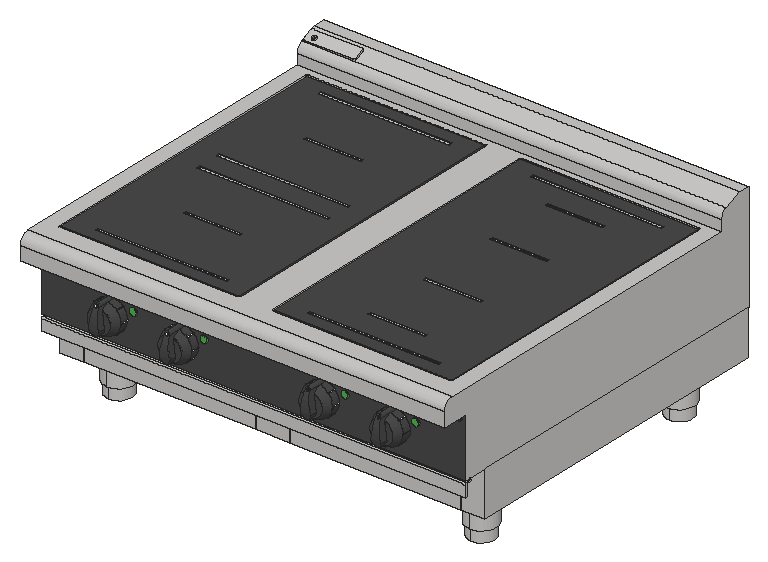
Revit family "QF_Moffat_INLB8400R5F-B_Induction_Cooktop_cat", category Specialty Equipment, Revit 2019
Family settings
  Round Connector Dimension = Use Diameter
  Part Type = Normal
  Work Plane-Based = No
  Always vertical = Yes
  Cut with Voids When Loaded = No
  Shared = No
  Room Calculation Point = No
Parameters (values of type "INLB8400R5F-B_415/60/3")
  Weight in Kilograms = 105
  Watts = 20000 W
  Volts = 415 V
  URL Cutsheet = ""
  Specification by User = ""
  Specification by Manufacturer = ""
  Show Logo [instance] = yes
  Serial Number = ""
  Seismic Rating = ""
  SMACNA No = ""
  Revision Code = ""
  Phase = 3
  Number of Poles = 1
  NAFEM Spec ID Number = ""
  Model = "INLB8400R5F-B"
  Min Ckt Ampacity = 0 A
  Max Overcurrent Protection = 0 A
  Masterspec = ""
  Manufacturer = "Moffat"
  Length = 900 mm
  Item Number = ""
  Installed By = ""
  Identify Quantity as Lot = yes
  Height = 410 mm
  HP = ""
  Furnished By = ""
  Foodservice Equipment Identifier = yes
  FL Amps = 28 A
  Electrical Remarks = ""
  Electric Connection Type = ""
  Elec Conn RI Height = 0 mm
  Elec Conn Connection Height = 0 mm
  Description = "Induction Cooktop"
  Depth = 805 mm
  Cycle = 60 Hz
  Conn Plug = ""
  Conn Conduit = yes
  CSI MasterFormat = ""
  Apparent Power = if(Phase = 3, Volts * FL Amps * 1.73, Volts * FL Amps)  # 20102.6 VA
Reference planes
  plane 1 "BACK": y = 0
  plane 2: z = 0
  plane 3 "LEFT": x = 0
  plane 4 "RIGHT": x = 900
  plane 5 "FRONT": y = -805
  plane 6 "TOP": z = 410
  plane 7 "Center Y": x = 450
  plane 8 "Center X": y = -402.5
  plane 9: x = 65.5
  plane 10: y = -30
  plane 11: x = 770
  plane 12: z = 85
  plane 13: y = -100
  plane 14: y = -625
  plane 15: y = -70
  plane 16: z = 355
  plane 17: z = 75
  plane 18: x = 834.5
Forms (mm)
  Extrusion 1, solid, material "QF_Metal_Stainless_Polished"
    sketch origin (0, 0, 0) x (0, 1, 0) y (0, 0, 1)
      loop
        line (0, 180) -> (0, 410) -> (-23.147, 410) -> (-57.632, 395.362)
        arc (-57.632, 395.362) -> (-66.628, 387.88) -> (-70, 376.676) r 20.3
        line (-70, 376.676) -> (-70, 355) -> (-784.417, 355)
        arc (-784.417, 355) -> (-798.971, 348.971) -> (-805, 334.417) r 20.583
        line (-805, 334.417) -> (-805, 305) -> (-749, 305) -> (-749, 180) -> (0, 180)
    from 0 to 900
  Extrusion 2, void
    sketch origin (0, -784.171, 355) x (0, 1, 0) y (-1, 0, 0)
      loop
        arc (699.341, -37.323) -> (697.584, -33.08) -> (693.341, -31.323) r 6
        line (693.341, -31.323) -> (45.245, -31.323)
        arc (45.245, -31.323) -> (41.002, -33.08) -> (39.245, -37.323) r 6
        line (39.245, -37.323) -> (39.245, -410.105)
        arc (39.245, -410.105) -> (41.002, -414.347) -> (45.245, -416.105) r 6
        line (45.245, -416.105) -> (693.341, -416.105)
        arc (693.341, -416.105) -> (697.584, -414.347) -> (699.341, -410.105) r 6
        line (699.341, -410.105) -> (699.341, -37.323)
      loop
        line (699.341, -862.677) -> (699.341, -489.895)
        arc (699.341, -489.895) -> (697.584, -485.653) -> (693.341, -483.895) r 6
        line (693.341, -483.895) -> (45.245, -483.895)
        arc (45.245, -483.895) -> (41.002, -485.653) -> (39.245, -489.895) r 6
        line (39.245, -489.895) -> (39.245, -862.677)
        arc (39.245, -862.677) -> (41.002, -866.92) -> (45.245, -868.677) r 6
        line (45.245, -868.677) -> (693.341, -868.677)
        arc (693.341, -868.677) -> (697.584, -866.92) -> (699.341, -862.677) r 6
    from 0 to -9.5
  Extrusion 3, solid, material "QF_Plastic_Black_Smooth"
    sketch origin (0, -784.171, 355) x (0, 1, 0) y (-1, 0, 0)
      loop
        line (695.341, -410.105) -> (695.341, -37.323)
        arc (695.341, -37.323) -> (694.755, -35.908) -> (693.341, -35.323) r 2
        line (693.341, -35.323) -> (45.245, -35.323)
        arc (45.245, -35.323) -> (43.831, -35.908) -> (43.245, -37.323) r 2
        line (43.245, -37.323) -> (43.245, -410.105)
        arc (43.245, -410.105) -> (43.831, -411.519) -> (45.245, -412.105) r 2
        line (45.245, -412.105) -> (693.341, -412.105)
        arc (693.341, -412.105) -> (694.755, -411.519) -> (695.341, -410.105) r 2
      loop
        line (667.194, -86.598) -> (661.194, -86.598) -> (661.194, -363.75) -> (667.194, -363.75) -> (667.194, -86.598)
      loop
        line (526.611, -163.924) -> (526.611, -283.924) -> (532.611, -283.924) -> (532.611, -163.924) -> (526.611, -163.924)
      loop
        line (398.444, -86.598) -> (392.444, -86.598) -> (392.444, -363.75) -> (398.444, -363.75) -> (398.444, -86.598)
      loop
        line (345.944, -86.598) -> (339.944, -86.598) -> (339.944, -363.75) -> (345.944, -363.75) -> (345.944, -86.598)
      loop
        line (206.611, -163.924) -> (206.611, -283.924) -> (212.611, -283.924) -> (212.611, -163.924) -> (206.611, -163.924)
      loop
        line (77.194, -86.598) -> (71.194, -86.598) -> (71.194, -363.75) -> (77.194, -363.75) -> (77.194, -86.598)
      loop
        arc (695.341, -489.895) -> (694.755, -488.481) -> (693.341, -487.895) r 2
        line (693.341, -487.895) -> (45.245, -487.895)
        arc (45.245, -487.895) -> (43.831, -488.481) -> (43.245, -489.895) r 2
        line (43.245, -489.895) -> (43.245, -862.677)
        arc (43.245, -862.677) -> (43.831, -864.092) -> (45.245, -864.677) r 2
        line (45.245, -864.677) -> (693.341, -864.677)
        arc (693.341, -864.677) -> (694.755, -864.092) -> (695.341, -862.677) r 2
        line (695.341, -862.677) -> (695.341, -489.895)
      loop
        line (667.194, -813.402) -> (667.194, -536.25) -> (661.194, -536.25) -> (661.194, -813.402) -> (667.194, -813.402)
      loop
        line (601.611, -736.076) -> (607.611, -736.076) -> (607.611, -616.076) -> (601.611, -616.076) -> (601.611, -736.076)
      loop
        line (279.111, -736.076) -> (285.111, -736.076) -> (285.111, -616.076) -> (279.111, -616.076) -> (279.111, -736.076)
      loop
        line (77.194, -813.402) -> (77.194, -536.25) -> (71.194, -536.25) -> (71.194, -813.402) -> (77.194, -813.402)
      loop
        line (454.501, -736.076) -> (460.501, -736.076) -> (460.501, -616.076) -> (454.501, -616.076) -> (454.501, -736.076)
      loop
        line (131.211, -736.076) -> (137.211, -736.076) -> (137.211, -616.076) -> (131.211, -616.076) -> (131.211, -736.076)
    from 0 to -9.5
  Extrusion 4, solid, material "QF_Metal_Stainless_Polished"
    sketch origin (0, 0, 40) x (0, 1, 0) y (0, 0, 1)
      loop
        line (-739.467, 140) -> (-738.192, 134.838)
        arc (-738.192, 134.838) -> (-738.307, 134.302) -> (-738.799, 134.063) r 0.625
        line (-738.799, 134.063) -> (-746.111, 134.063)
        arc (-746.111, 134.063) -> (-748.011, 133.276) -> (-748.797, 131.377) r 2.686
        line (-748.797, 131.377) -> (-748.797, 107.627) -> (-747.197, 107.627) -> (-747.197, 131.242)
        arc (-747.197, 131.242) -> (-746.84, 132.105) -> (-745.976, 132.463) r 1.221
        line (-745.976, 132.463) -> (-738.755, 132.463)
        arc (-738.755, 132.463) -> (-737.028, 133.304) -> (-736.625, 135.182) r 2.194
        line (-736.625, 135.182) -> (-737.815, 140) -> (-739.467, 140)
    from 0 to 900
  Extrusion 5, solid, material "QF_Plastic_Black_Smooth"
    sketch origin (0, -749, 181.875) x (0, 0, 1) y (-1, 0, 0)
      loop
        circle (112.843, -13.157) r 5
      loop
        circle (112.843, -886.843) r 5
    from 0 to 1.6
  Extrusion 6, solid, material "QF_Metal_Stainless_Polished"
    sketch origin (450, -699, 85) x (0, 1, 0) y (1, 0, 0)
      loop
        circle (669, 320) r 6.35
    from 0 to 10
  Extrusion 7, solid, material "QF_Metal_Stainless_Polished"
    sketch origin (0, -699, 85) x (1, 0, 0) y (0, -1, 0)
      loop
        line (0, -699) -> (900, -699) -> (900, 0) -> (849.2, 0) -> (849.2, -25.4) -> (485.8, -25.4) -> (485.8, 0) -> (414.2, 0) -> (414.2, -25.4) -> (50.8, -25.4) -> (50.8, 0) -> (0, 0) -> (0, -699)
    from 0 to -95
  Extrusion 8, solid, material "QF_Metal_Stainless_Polished"
    sketch origin (50.8, -30, 85) x (0, 1, 0) y (0, 0, 1)
      loop
        line (-669, 0) -> (-643.6, 0) -> (-643.6, 26.45) -> (-669, 26.45) -> (-669, 0)
      loop
        line (-669, 32.45) -> (-643.6, 32.45) -> (-643.6, 66.4) -> (-669, 66.4) -> (-669, 32.45)
      loop
        line (-669, 67.4) -> (-643.6, 67.4) -> (-643.6, 95) -> (-669, 95) -> (-669, 67.4)
    from 0 to 363.4
  Revolve 9, solid, material "QF_Metal_Stainless_Polished"
    sketch origin (65.5, -4572, -304.8) x (0, 0, -1) y (0, -1, 0)
      loop
        line (-304.8, -4499.5) -> (-304.8, -4472) -> (-389.8, -4472) -> (-389.8, -4503.75) -> (-329.8, -4503.75) -> (-329.8, -4499.5) -> (-304.8, -4499.5)
      axis (-389.8, -4472) -> (-304.8, -4472)
    angle from 0 to 360
  Revolve 10, solid, material "QF_Metal_Stainless_Polished"
    sketch origin (65.5, -4572, -304.8) x (0, 0, -1) y (0, -1, 0)
      loop
        line (-304.8, -3974.5) -> (-304.8, -3947) -> (-389.8, -3947) -> (-389.8, -3978.75) -> (-329.8, -3978.75) -> (-329.8, -3974.5) -> (-304.8, -3974.5)
      axis (-389.8, -3947) -> (-304.8, -3947)
    angle from 0 to 360
  Revolve 11, solid, material "QF_Metal_Stainless_Polished"
    sketch origin (834.5, -4572, -304.8) x (0, 0, -1) y (0, 1, 0)
      loop
        line (-304.8, 4499.5) -> (-329.8, 4499.5) -> (-329.8, 4503.75) -> (-389.8, 4503.75) -> (-389.8, 4472) -> (-304.8, 4472) -> (-304.8, 4499.5)
      axis (-389.8, 4472) -> (-304.8, 4472)
    angle from 0 to 360
  Revolve 12, solid, material "QF_Metal_Stainless_Polished"
    sketch origin (834.5, -4572, -304.8) x (0, 0, -1) y (0, 1, 0)
      loop
        line (-304.8, 3974.5) -> (-329.8, 3974.5) -> (-329.8, 3978.75) -> (-389.8, 3978.75) -> (-389.8, 3947) -> (-304.8, 3947) -> (-304.8, 3974.5)
      axis (-389.8, 3947) -> (-304.8, 3947)
    angle from 0 to 360
  Extrusion 13, solid, material "QF_Metal_Stainless_Polished"
    sketch origin (900, 0, 0) x (-1, 0, 0) y (0, -1, 0)
      loop
        line (536.25, 122.976) -> (536.25, 116.976) -> (813.402, 116.976) -> (813.402, 122.976) -> (536.25, 122.976)
      loop
        line (736.076, 251.56) -> (736.076, 257.56) -> (616.076, 257.56) -> (616.076, 251.56) -> (736.076, 251.56)
      loop
        line (813.402, 385.726) -> (813.402, 391.726) -> (536.25, 391.726) -> (536.25, 385.726) -> (813.402, 385.726)
      loop
        line (813.402, 438.226) -> (813.402, 444.226) -> (536.25, 444.226) -> (536.25, 438.226) -> (813.402, 438.226)
      loop
        line (736.076, 571.56) -> (736.076, 577.56) -> (616.076, 577.56) -> (616.076, 571.56) -> (736.076, 571.56)
      loop
        line (536.25, 712.976) -> (536.25, 706.976) -> (813.402, 706.976) -> (813.402, 712.976) -> (536.25, 712.976)
      loop
        line (86.598, 712.976) -> (86.598, 706.976) -> (363.75, 706.976) -> (363.75, 712.976) -> (86.598, 712.976)
      loop
        line (163.924, 652.959) -> (163.924, 646.959) -> (283.924, 646.959) -> (283.924, 652.959) -> (163.924, 652.959)
      loop
        line (163.924, 505.06) -> (163.924, 499.06) -> (283.924, 499.06) -> (283.924, 505.06) -> (163.924, 505.06)
      loop
        line (163.924, 329.669) -> (163.924, 323.669) -> (283.924, 323.669) -> (283.924, 329.669) -> (163.924, 329.669)
      loop
        line (163.924, 182.56) -> (163.924, 176.56) -> (283.924, 176.56) -> (283.924, 182.56) -> (163.924, 182.56)
      loop
        line (86.598, 122.976) -> (86.598, 116.976) -> (363.75, 116.976) -> (363.75, 122.976) -> (86.598, 122.976)
    from 355 to 345.5
  Extrusion 14, solid, material "QF_Paint_Green"
    sketch origin (63.231, -748.999, 153.75) x (0, 0, 1) y (-1, 0, 0)
      loop
        circle (100.3, -282.5) r 7.15
    from 0 to 1.6
  Extrusion 15, solid, material "QF_Plastic_Black_Smooth"
    sketch origin (75, -748.999, 165.625) x (0, 0, 1) y (-1, 0, 0)
      loop
        circle (112.843, -225) r 5
    from 0 to 1.6
  Extrusion 16, solid, material "QF_Paint_Green"
    sketch origin (-86.769, -748.999, 153.75) x (0, 0, 1) y (-1, 0, 0)
      loop
        circle (100.3, -282.5) r 7.15
    from 0 to 1.6
  Extrusion 17, solid, material "QF_Plastic_Black_Smooth"
    sketch origin (-75, -748.999, 165.625) x (0, 0, 1) y (-1, 0, 0)
      loop
        circle (112.843, -225) r 5
    from 0 to 1.6
  Extrusion 18, solid, material "QF_Paint_Green"
    sketch origin (511.981, -748.999, 153.75) x (0, 0, 1) y (-1, 0, 0)
      loop
        circle (100.3, -282.5) r 7.15
    from 0 to 1.6
  Extrusion 19, solid, material "QF_Plastic_Black_Smooth"
    sketch origin (523.75, -748.999, 165.625) x (0, 0, 1) y (-1, 0, 0)
      loop
        circle (112.843, -225) r 5
    from 0 to 1.6
  Extrusion 20, solid, material "QF_Paint_Green"
    sketch origin (361.981, -748.999, 153.75) x (0, 0, 1) y (-1, 0, 0)
      loop
        circle (100.3, -282.5) r 7.15
    from 0 to 1.6
  Extrusion 21, solid, material "QF_Plastic_Black_Smooth"
    sketch origin (373.75, -748.999, 165.625) x (0, 0, 1) y (-1, 0, 0)
      loop
        circle (112.843, -225) r 5
    from 0 to 1.6
  Extrusion 22, solid, material "QF_Metal_Stainless_Polished"
    sketch origin (849.2, -30, 85) x (0, 1, 0) y (0, 0, -1)
      loop
        line (-669, 0) -> (-669, -26.45) -> (-643.6, -26.45) -> (-643.6, 0) -> (-669, 0)
      loop
        line (-669, -32.45) -> (-669, -66.4) -> (-643.6, -66.4) -> (-643.6, -32.45) -> (-669, -32.45)
      loop
        line (-669, -67.4) -> (-669, -95) -> (-643.6, -95) -> (-643.6, -67.4) -> (-669, -67.4)
    from 0 to 363.4
Cuts and joins
  Extrusion 2 cuts Extrusion 1
Lines and regions (mm)
  symbolic lines
    curve 1: line (0, 0, 0) -> (900, 0, 0)
    curve 2: line (0, -805, 0) -> (0, 0, 0)
    curve 3: line (900, -805, 0) -> (0, -805, 0)
    curve 4: line (900, 0, 0) -> (900, -805, 0)
    curve 5: line (0, -18.182, 0) -> (900, -18.182, 0)
    curve 6: line (0, -70, 0) -> (900, -70, 0)
    curve 7: line (37.323, -84.83, 0) -> (410.105, -84.83, 0)
    curve 8: arc (410.105, -84.83, 0) -> (414.347, -86.587, 0) -> (416.105, -90.83, 0) r 6
    curve 9: line (416.105, -90.83, 0) -> (416.105, -738.926, 0)
    curve 10: arc (416.105, -738.926, 0) -> (414.347, -743.168, 0) -> (410.105, -744.926, 0) r 6
    curve 11: line (410.105, -744.926, 0) -> (37.323, -744.926, 0)
    curve 12: arc (37.323, -744.926, 0) -> (33.08, -743.168, 0) -> (31.323, -738.926, 0) r 6
    curve 13: line (31.323, -738.926, 0) -> (31.323, -90.83, 0)
    curve 14: arc (31.323, -90.83, 0) -> (33.08, -86.587, 0) -> (37.323, -84.83, 0) r 6
    curve 15: line (410.105, -88.83, 0) -> (37.323, -88.83, 0)
    curve 16: arc (37.323, -88.83, 0) -> (35.908, -89.415, 0) -> (35.323, -90.83, 0) r 2
    curve 17: line (35.323, -90.83, 0) -> (35.323, -738.926, 0)
    curve 18: arc (35.323, -738.926, 0) -> (35.908, -740.34, 0) -> (37.323, -740.926, 0) r 2
    curve 19: line (37.323, -740.926, 0) -> (410.105, -740.926, 0)
    curve 20: arc (410.105, -740.926, 0) -> (411.519, -740.34, 0) -> (412.105, -738.926, 0) r 2
    curve 21: line (412.105, -738.926, 0) -> (412.105, -90.83, 0)
    curve 22: arc (412.105, -90.83, 0) -> (411.519, -89.415, 0) -> (410.105, -88.83, 0) r 2
    curve 23: line (416.105, -738.926, 0) -> (416.105, -90.83, 0)
    curve 24: line (412.105, -90.83, 0) -> (412.105, -738.926, 0)
    curve 25: line (862.677, -84.83, 0) -> (489.895, -84.83, 0)
    curve 26: arc (489.895, -84.83, 0) -> (485.653, -86.587, 0) -> (483.895, -90.83, 0) r 6
    curve 27: arc (483.895, -738.926, 0) -> (485.653, -743.168, 0) -> (489.895, -744.926, 0) r 6
    curve 28: line (489.895, -744.926, 0) -> (862.677, -744.926, 0)
    curve 29: arc (862.677, -744.926, 0) -> (866.92, -743.168, 0) -> (868.677, -738.926, 0) r 6
    curve 30: line (868.677, -738.926, 0) -> (868.677, -90.83, 0)
    curve 31: arc (868.677, -90.83, 0) -> (866.92, -86.587, 0) -> (862.677, -84.83, 0) r 6
    curve 32: line (489.895, -88.83, 0) -> (862.677, -88.83, 0)
    curve 33: arc (862.677, -88.83, 0) -> (864.092, -89.415, 0) -> (864.677, -90.83, 0) r 2
    curve 34: line (864.677, -90.83, 0) -> (864.677, -738.926, 0)
    curve 35: arc (864.677, -738.926, 0) -> (864.092, -740.34, 0) -> (862.677, -740.926, 0) r 2
    curve 36: line (862.677, -740.926, 0) -> (489.895, -740.926, 0)
    curve 37: arc (489.895, -740.926, 0) -> (488.481, -740.34, 0) -> (487.895, -738.926, 0) r 2
    curve 38: arc (487.895, -90.83, 0) -> (488.481, -89.415, 0) -> (489.895, -88.83, 0) r 2
    curve 39: line (487.895, -90.83, 0) -> (487.895, -738.926, 0)
    curve 40: arc (487.895, -738.926, 0) -> (488.481, -740.34, 0) -> (489.895, -740.926, 0) r 2
    curve 41: line (489.895, -740.926, 0) -> (862.677, -740.926, 0)
    curve 42: arc (862.677, -740.926, 0) -> (864.092, -740.34, 0) -> (864.677, -738.926, 0) r 2
    curve 43: line (864.677, -738.926, 0) -> (864.677, -90.83, 0)
    curve 44: arc (864.677, -90.83, 0) -> (864.092, -89.415, 0) -> (862.677, -88.83, 0) r 2
    curve 45: line (862.677, -88.83, 0) -> (489.895, -88.83, 0)
    curve 46: arc (489.895, -88.83, 0) -> (488.481, -89.415, 0) -> (487.895, -90.83, 0) r 2
    curve 47: line (483.895, -90.83, 0) -> (483.895, -738.926, 0)
    curve 48: arc (483.895, -738.926, 0) -> (485.653, -743.168, 0) -> (489.895, -744.926, 0) r 6
    curve 49: line (489.895, -744.926, 0) -> (862.677, -744.926, 0)
    curve 50: arc (862.677, -744.926, 0) -> (866.92, -743.168, 0) -> (868.677, -738.926, 0) r 6
    curve 51: line (868.677, -738.926, 0) -> (868.677, -90.83, 0)
    curve 52: arc (868.677, -90.83, 0) -> (866.92, -86.587, 0) -> (862.677, -84.83, 0) r 6
    curve 53: line (862.677, -84.83, 0) -> (489.895, -84.83, 0)
    curve 54: arc (489.895, -84.83, 0) -> (485.653, -86.587, 0) -> (483.895, -90.83, 0) r 6
    curve 55: line (86.598, -122.976, 0) -> (363.75, -122.976, 0)
    curve 56: line (363.75, -122.976, 0) -> (363.75, -116.976, 0)
    curve 57: line (363.75, -116.976, 0) -> (86.598, -116.976, 0)
    curve 58: line (86.598, -116.976, 0) -> (86.598, -122.976, 0)
    curve 59: line (283.924, -251.56, 0) -> (163.924, -251.56, 0)
    curve 60: line (163.924, -251.56, 0) -> (163.924, -257.56, 0)
    curve 61: line (163.924, -257.56, 0) -> (283.924, -257.56, 0)
    curve 62: line (283.924, -257.56, 0) -> (283.924, -251.56, 0)
    curve 63: line (536.25, -122.976, 0) -> (813.402, -122.976, 0)
    curve 64: line (813.402, -122.976, 0) -> (813.402, -116.976, 0)
    curve 65: line (813.402, -116.976, 0) -> (536.25, -116.976, 0)
    curve 66: line (536.25, -116.976, 0) -> (536.25, -122.976, 0)
    curve 67: line (736.076, -176.56, 0) -> (616.076, -176.56, 0)
    curve 68: line (616.076, -176.56, 0) -> (616.076, -182.56, 0)
    curve 69: line (616.076, -182.56, 0) -> (736.076, -182.56, 0)
    curve 70: line (736.076, -182.56, 0) -> (736.076, -176.56, 0)
    curve 71: line (736.076, -323.669, 0) -> (616.076, -323.669, 0)
    curve 72: line (616.076, -323.669, 0) -> (616.076, -329.669, 0)
    curve 73: line (616.076, -329.669, 0) -> (736.076, -329.669, 0)
    curve 74: line (736.076, -329.669, 0) -> (736.076, -323.669, 0)
    curve 75: line (736.076, -499.06, 0) -> (616.076, -499.06, 0)
    curve 76: line (616.076, -499.06, 0) -> (616.076, -505.06, 0)
    curve 77: line (616.076, -505.06, 0) -> (736.076, -505.06, 0)
    curve 78: line (736.076, -505.06, 0) -> (736.076, -499.06, 0)
    curve 79: line (736.076, -646.959, 0) -> (616.076, -646.959, 0)
    curve 80: line (616.076, -646.959, 0) -> (616.076, -652.959, 0)
    curve 81: line (616.076, -652.959, 0) -> (736.076, -652.959, 0)
    curve 82: line (736.076, -652.959, 0) -> (736.076, -646.959, 0)
    curve 83: line (813.402, -706.976, 0) -> (536.25, -706.976, 0)
    curve 84: line (536.25, -706.976, 0) -> (536.25, -712.976, 0)
    curve 85: line (536.25, -712.976, 0) -> (813.402, -712.976, 0)
    curve 86: line (813.402, -712.976, 0) -> (813.402, -706.976, 0)
    curve 87: line (86.598, -712.976, 0) -> (363.75, -712.976, 0)
    curve 88: line (363.75, -712.976, 0) -> (363.75, -706.976, 0)
    curve 89: line (363.75, -706.976, 0) -> (86.598, -706.976, 0)
    curve 90: line (86.598, -706.976, 0) -> (86.598, -712.976, 0)
    curve 91: line (283.924, -577.56, 0) -> (163.924, -577.56, 0)
    curve 92: line (163.924, -577.56, 0) -> (163.924, -571.56, 0)
    curve 93: line (163.924, -571.56, 0) -> (283.924, -571.56, 0)
    curve 94: line (283.924, -571.56, 0) -> (283.924, -577.56, 0)
    curve 95: line (86.598, -444.226, 0) -> (363.75, -444.226, 0)
    curve 96: line (363.75, -444.226, 0) -> (363.75, -438.226, 0)
    curve 97: line (363.75, -438.226, 0) -> (86.598, -438.226, 0)
    curve 98: line (86.598, -438.226, 0) -> (86.598, -444.226, 0)
    curve 99: line (86.598, -391.726, 0) -> (363.75, -391.726, 0)
    curve 100: line (363.75, -391.726, 0) -> (363.75, -385.726, 0)
    curve 101: line (363.75, -385.726, 0) -> (86.598, -385.726, 0)
    curve 102: line (86.598, -385.726, 0) -> (86.598, -391.726, 0)
Dimensions and locks
  equal spacing: plane 3 "LEFT", plane 7 "Center Y", plane 4 "RIGHT"
  "Length": plane 3 "LEFT" to plane 4 "RIGHT"
  equal spacing: plane 5 "FRONT", plane 8 "Center X", plane 1 "BACK"
  "Depth": plane 5 "FRONT" to plane 1 "BACK"
  "Height": plane 6 "TOP" to level
  plane 4 "RIGHT" to plane 3 "LEFT" = 900 mm
  plane 1 "BACK" to plane 5 "FRONT" = 805 mm
  plane 6 "TOP" to plane 2 = 410 mm
  locked: plane 11 to plane 4 "RIGHT" at 130
  plane 1 "BACK" to plane 10 = 30 mm
  plane 1 "BACK" to plane 13 to plane 14 = 100 mm, 525 mm
  plane 1 "BACK" to plane 15 = 70 mm
  plane 16 to level = 355 mm
  level to plane 12 = 85 mm
  plane 17 to level = 75 mm
  plane 11 to plane 4 "RIGHT" = 130 mm
  plane 18 to plane 9 = 769 mm
  locked: plane 4 "RIGHT" to plane 18 at 65.5
  aligned and locked: level to plane 2
  aligned and locked: plane 18 to Revolve 12
  aligned and locked: plane 18 to Revolve 11
  aligned and locked: Extrusion 7 sketch curve to plane 4 "RIGHT"
  aligned and locked: Extrusion 4 to plane 4 "RIGHT"
  aligned and locked: Extrusion 22 to Extrusion 7  (x2)
Automatic sketch dimensions
  Extrusion 4 sketch curve to plane 5 "FRONT" = 56.203 mm
  Extrusion 4 sketch curve to Extrusion 4 sketch curve = 1.6 mm
  Extrusion 4 sketch curve to Extrusion 4 sketch curve = 1.086 mm
  Extrusion 4 sketch curve to Extrusion 4 sketch curve = 0.135 mm  (x2)
  Extrusion 4 sketch curve to Extrusion 4 sketch curve = 6.644 mm
  Extrusion 4 sketch curve to Extrusion 4 sketch curve = 0.668 mm
  Extrusion 4 sketch curve to Extrusion 4 sketch curve = 0.044 mm
  Extrusion 4 sketch curve to Extrusion 4 sketch curve = 0.563 mm
  Extrusion 4 sketch curve to Extrusion 4 sketch curve = 1.652 mm
  Extrusion 4 sketch curve to Extrusion 4 sketch curve = 1.567 mm
  Extrusion 4 sketch curve to plane 12 = 62.627 mm
  Extrusion 4 sketch curve to Extrusion 4 sketch curve = 23.614 mm
  Extrusion 4 sketch curve to Extrusion 4 sketch curve = 0.594 mm
  Extrusion 4 sketch curve to Extrusion 4 sketch curve = 0.032 mm
  Extrusion 4 sketch curve to Extrusion 4 sketch curve = 5.162 mm
  Extrusion 1 to Extrusion 5 sketch curve = 10.282 mm  (x2)
  Extrusion 1 to Extrusion 5 sketch curve = 13.157 mm  (x2)
  plane 12 to Revolve 9 sketch curve = 0 mm
  Revolve 9 sketch curve to level = 0 mm  (x2)
  Revolve 9 sketch curve to plane 13 = 0 mm  (x2)
  plane 15 to Revolve 9 sketch curve = 2.5 mm
  level to Revolve 9 sketch curve = 25 mm
  Revolve 9 sketch curve to plane 15 = 1.75 mm
  Revolve 9 sketch curve to Revolve 9 sketch curve = 25 mm
  plane 12 to Revolve 10 sketch curve = 0 mm
  Revolve 10 sketch curve to level = 0 mm  (x2)
  Revolve 10 sketch curve to plane 14 = 0 mm  (x2)
  level to Revolve 10 sketch curve = 25 mm
  Revolve 10 sketch curve to Revolve 10 sketch curve = 27.5 mm
  Revolve 10 sketch curve to Revolve 10 sketch curve = 31.75 mm
  Revolve 10 sketch curve to Revolve 10 sketch curve = 25 mm
  plane 12 to Revolve 11 sketch curve = 0 mm
  Revolve 11 sketch curve to level = 0 mm  (x2)
  Revolve 11 sketch curve to plane 13 = 0 mm  (x2)
  plane 15 to Revolve 11 sketch curve = 2.5 mm
  Revolve 11 sketch curve to Revolve 11 sketch curve = 25 mm
  Revolve 11 sketch curve to plane 15 = 1.75 mm
  Revolve 11 sketch curve to level = 25 mm
  plane 12 to Revolve 12 sketch curve = 0 mm
  Revolve 12 sketch curve to level = 0 mm  (x2)
  Revolve 12 sketch curve to plane 14 = 0 mm  (x2)
  level to Revolve 12 sketch curve = 25 mm
  Revolve 12 sketch curve to plane 14 = 27.5 mm
  Revolve 12 sketch curve to Revolve 12 sketch curve = 4.25 mm
  Revolve 12 sketch curve to Revolve 12 sketch curve = 25 mm
  Extrusion 16 sketch curve to plane 16 = 100.95 mm
  Extrusion 16 sketch curve to plane 9 = 130.231 mm
  Extrusion 17 sketch curve to plane 16 = 76.532 mm
  Extrusion 17 sketch curve to plane 9 = 84.5 mm
  Extrusion 18 sketch curve to plane 11 = 24.481 mm
  Extrusion 18 sketch curve to plane 16 = 100.95 mm
  Extrusion 19 sketch curve to plane 16 = 76.532 mm
  plane 11 to Extrusion 19 sketch curve = 21.25 mm
  plane 12 to Extrusion 22 sketch curve = 0 mm
  plane 14 to Extrusion 22 sketch curve = 74 mm
  Extrusion 22 sketch curve to Extrusion 22 sketch curve = 0 mm  (x4)
  Extrusion 22 sketch curve to Extrusion 22 sketch curve = 25.4 mm
  Extrusion 22 sketch curve to plane 12 = 26.45 mm
  Extrusion 22 sketch curve to Extrusion 22 sketch curve = 6 mm
  Extrusion 22 sketch curve to Extrusion 22 sketch curve = 33.95 mm
  Extrusion 22 sketch curve to Extrusion 22 sketch curve = 1 mm
  Extrusion 22 sketch curve to Extrusion 22 sketch curve = 27.6 mm
  curve 8 to curve 22 = 0 mm
  curve 10 to curve 20 = 0 mm  (x2)
  curve 12 to curve 18 = 0 mm  (x2)
  curve 14 to curve 16 = 0 mm  (x2)
  curve 26 to curve 38 = 0 mm  (x2)
  curve 27 to curve 37 = 0 mm
  curve 29 to curve 35 = 0 mm  (x2)
  curve 31 to curve 33 = 0 mm  (x2)
  plane 1 "BACK" to curve 1 = 0 mm
  curve 1 to plane 3 "LEFT" = 0 mm
  plane 7 "Center Y" to curve 6 = 450 mm
  curve 4 to plane 4 "RIGHT" = 0 mm
  plane 5 "FRONT" to curve 3 = 0 mm
  plane 15 to curve 6 = 0 mm
  plane 3 "LEFT" to curve 13 = 31.323 mm
  curve 13 to curve 17 = 4 mm
  curve 17 to curve 16 = 2 mm
  curve 17 to curve 18 = 2 mm
  curve 22 to plane 13 = 9.17 mm
  curve 22 to plane 7 "Center Y" = 39.895 mm
  curve 11 to plane 7 "Center Y" = 39.895 mm
  curve 8 to curve 21 = 2 mm
  plane 15 to curve 25 = 14.83 mm
  plane 7 "Center Y" to curve 25 = 39.895 mm
  plane 18 to curve 29 = 28.177 mm
  plane 18 to curve 25 = 28.177 mm
  curve 29 to curve 34 = 2 mm
  curve 33 to curve 30 = 4 mm
  curve 28 to plane 5 "FRONT" = 60.074 mm
  curve 11 to plane 5 "FRONT" = 60.074 mm
  curve 36 to curve 27 = 2 mm
  curve 26 to curve 32 = 2 mm
  curve 5 to plane 10 = 11.818 mm
  Extrusion 7 to Extrusion 6 sketch curve = 30 mm
  Extrusion 6 sketch curve to Extrusion 7 = 79.2 mm
  Extrusion 7 sketch curve to plane 3 "LEFT" = 0 mm
  plane 1 "BACK" to Extrusion 7 sketch curve = 0 mm
  plane 9 to Extrusion 7 sketch curve = 14.7 mm
  Extrusion 7 sketch curve to plane 7 "Center Y" = 35.8 mm
  plane 7 "Center Y" to Extrusion 7 sketch curve = 35.8 mm
  plane 18 to Extrusion 7 sketch curve = 14.7 mm
  plane 14 to Extrusion 7 sketch curve = 48.6 mm  (x2)
  Extrusion 7 sketch curve to Extrusion 7 sketch curve = 25.4 mm  (x3)
  Extrusion 8 sketch curve to Extrusion 7 = 0 mm  (x8)
  Extrusion 7 to Extrusion 8 sketch curve = 26.45 mm
  Extrusion 8 sketch curve to Extrusion 8 sketch curve = 6 mm
  Extrusion 7 to Extrusion 8 sketch curve = 28.6 mm
  Extrusion 8 sketch curve to Extrusion 8 sketch curve = 1 mm
  Extrusion 14 sketch curve to plane 7 "Center Y" = 104.269 mm
  Extrusion 14 sketch curve to plane 16 = 100.95 mm
  Extrusion 15 sketch curve to plane 16 = 76.532 mm
  Extrusion 15 sketch curve to plane 7 "Center Y" = 150 mm
  Extrusion 20 sketch curve to plane 16 = 100.95 mm
  plane 7 "Center Y" to Extrusion 20 sketch curve = 194.481 mm
  Extrusion 21 sketch curve to plane 16 = 76.532 mm
  plane 7 "Center Y" to Extrusion 21 sketch curve = 148.75 mm
  Extrusion 2 sketch curve to Extrusion 1 = 39.492 mm  (x2)
  Extrusion 2 sketch curve to Extrusion 2 sketch curve = 6 mm  (x6)
  Extrusion 1 to Extrusion 2 sketch curve = 20.83 mm  (x4)
  Extrusion 1 to Extrusion 2 sketch curve = 31.323 mm
  Extrusion 2 sketch curve to Extrusion 2 sketch curve = 372.782 mm
  Extrusion 2 sketch curve to Extrusion 2 sketch curve = 67.791 mm
  Extrusion 1 to Extrusion 2 sketch curve = 37.323 mm
  Extrusion 3 sketch curve to Extrusion 1 = 43.492 mm  (x2)
  Extrusion 3 sketch curve to Extrusion 3 sketch curve = 2 mm  (x6)
  Extrusion 3 sketch curve to Extrusion 3 sketch curve = 25.949 mm  (x2)
  Extrusion 3 sketch curve to Extrusion 3 sketch curve = 6 mm  (x12)
  Extrusion 3 sketch curve to Extrusion 3 sketch curve = 54.017 mm
  Extrusion 3 sketch curve to Extrusion 3 sketch curve = 129.416 mm
  Extrusion 3 sketch curve to Extrusion 3 sketch curve = 141.899 mm
  Extrusion 3 sketch curve to Extrusion 3 sketch curve = 127.334 mm
  Extrusion 3 sketch curve to Extrusion 3 sketch curve = 46.5 mm
  Extrusion 3 sketch curve to Extrusion 3 sketch curve = 169.391 mm
  Extrusion 3 sketch curve to Extrusion 3 sketch curve = 128.166 mm
  Extrusion 1 to Extrusion 3 sketch curve = 112.56 mm
  Extrusion 1 to Extrusion 3 sketch curve = 52.976 mm  (x2)
  Extrusion 1 to Extrusion 3 sketch curve = 20.83 mm  (x4)
  Extrusion 1 to Extrusion 3 sketch curve = 35.323 mm
  Extrusion 3 sketch curve to Extrusion 3 sketch curve = 49.275 mm  (x2)
  Extrusion 3 sketch curve to Extrusion 3 sketch curve = 77.326 mm  (x2)
  Extrusion 1 to Extrusion 3 sketch curve = 163.924 mm
  Extrusion 3 sketch curve to Extrusion 3 sketch curve = 0 mm  (x3)
  Extrusion 3 sketch curve to Extrusion 3 sketch curve = 120 mm  (x6)
  Extrusion 3 sketch curve to Extrusion 3 sketch curve = 79.826 mm  (x4)
  Extrusion 3 sketch curve to Extrusion 3 sketch curve = 46.355 mm  (x3)
  Extrusion 3 sketch curve to Extrusion 3 sketch curve = 75.791 mm
  Extrusion 3 sketch curve to Extrusion 3 sketch curve = 252.326 mm
  Extrusion 1 to Extrusion 3 sketch curve = 86.598 mm  (x3)
  Extrusion 1 to Extrusion 3 sketch curve = 37.323 mm
  Extrusion 13 sketch curve to plane 13 = 22.976 mm
  plane 7 "Center Y" to Extrusion 13 sketch curve = 86.25 mm  (x3)
  plane 9 to Extrusion 13 sketch curve = 21.098 mm  (x4)
  Extrusion 13 sketch curve to Extrusion 13 sketch curve = 6 mm  (x11)
  Extrusion 13 sketch curve to Extrusion 13 sketch curve = 79.826 mm  (x3)
  plane 9 to Extrusion 13 sketch curve = 98.424 mm  (x2)
  Extrusion 13 sketch curve to Extrusion 13 sketch curve = 128.584 mm
  Extrusion 13 sketch curve to plane 8 "Center X" = 16.774 mm
  Extrusion 13 sketch curve to Extrusion 13 sketch curve = 0 mm
  plane 8 "Center X" to Extrusion 13 sketch curve = 35.726 mm
  plane 14 to Extrusion 13 sketch curve = 53.44 mm
  plane 14 to Extrusion 13 sketch curve = 47.44 mm
  Extrusion 13 sketch curve to plane 14 = 81.976 mm
  Extrusion 13 sketch curve to plane 7 "Center Y" = 86.25 mm  (x2)
  plane 18 to Extrusion 13 sketch curve = 21.098 mm  (x2)
  Extrusion 13 sketch curve to plane 14 = 87.976 mm
  Extrusion 13 sketch curve to plane 11 = 33.924 mm  (x4)
  Extrusion 13 sketch curve to plane 14 = 27.959 mm
  Extrusion 13 sketch curve to Extrusion 13 sketch curve = 120 mm  (x3)
  plane 8 "Center X" to Extrusion 13 sketch curve = 102.56 mm
  Extrusion 13 sketch curve to plane 8 "Center X" = 72.831 mm
  Extrusion 13 sketch curve to plane 13 = 82.56 mm
  Extrusion 13 sketch curve to plane 13 = 16.976 mm
  curve 57 to plane 9 = 21.098 mm
  plane 13 to curve 56 = 22.976 mm
  curve 56 to curve 8 = 46.355 mm
  curve 55 to curve 56 = 6 mm
  curve 60 to plane 9 = 98.424 mm
  curve 59 to curve 62 = 120 mm
  plane 8 "Center X" to curve 62 = 144.94 mm
  curve 60 to curve 59 = 6 mm
  plane 13 to curve 65 = 16.976 mm
  curve 46 to curve 65 = 46.355 mm
  curve 63 to plane 18 = 21.098 mm
  curve 63 to curve 65 = 6 mm
  curve 63 to curve 69 = 79.826 mm
  plane 11 to curve 69 = 33.924 mm
  plane 13 to curve 69 = 82.56 mm
  curve 69 to curve 70 = 6 mm
  plane 8 "Center X" to curve 72 = 72.831 mm
  curve 72 to curve 68 = 0 mm
  plane 11 to curve 74 = 33.924 mm
  curve 72 to curve 71 = 6 mm
  plane 11 to curve 75 = 153.924 mm
  plane 11 to curve 75 = 33.924 mm
  curve 78 to plane 8 "Center X" = 102.56 mm
  curve 77 to curve 75 = 6 mm
  plane 14 to curve 80 = 21.959 mm
  curve 80 to curve 76 = 0 mm
  plane 11 to curve 82 = 33.924 mm
  curve 82 to curve 79 = 6 mm
  curve 27 to curve 85 = 46.355 mm
  curve 86 to plane 18 = 21.098 mm
  curve 29 to curve 85 = 25.949 mm
  curve 84 to curve 84 = 6 mm
  curve 87 to plane 9 = 21.098 mm
  curve 89 to curve 10 = 46.355 mm
  curve 18 to curve 87 = 25.949 mm
  curve 87 to curve 90 = 6 mm
  curve 91 to plane 14 = 47.44 mm
  curve 91 to plane 9 = 98.424 mm
  curve 91 to curve 91 = 120 mm
  curve 91 to curve 93 = 6 mm
  curve 98 to plane 9 = 21.098 mm
  curve 97 to plane 8 "Center X" = 35.726 mm
  curve 97 to plane 7 "Center Y" = 86.25 mm
  curve 96 to curve 96 = 6 mm
  curve 102 to plane 9 = 21.098 mm
  plane 8 "Center X" to curve 99 = 10.774 mm
  curve 99 to curve 96 = 0 mm
  curve 99 to curve 100 = 6 mm
  Extrusion 1 sketch curve to plane 5 "FRONT" = 0 mm
  Extrusion 1 sketch curve to plane 16 = 0 mm
  Extrusion 1 sketch curve to plane 15 = 0 mm
  Extrusion 1 sketch curve to plane 6 "TOP" = 0 mm
  Extrusion 1 sketch curve to plane 1 "BACK" = 0 mm
  Extrusion 1 sketch curve to Extrusion 1 sketch curve = 20.583 mm
  Extrusion 1 sketch curve to Extrusion 1 sketch curve = 35.417 mm
  Extrusion 1 sketch curve to plane 15 = 12.368 mm
  Extrusion 1 sketch curve to Extrusion 1 sketch curve = 7.932 mm
  Extrusion 1 sketch curve to plane 10 = 6.853 mm
  Extrusion 1 sketch curve to Extrusion 1 sketch curve = 29.417 mm
  Extrusion 1 sketch curve to plane 12 = 95 mm
  plane 16 to Extrusion 1 sketch curve = 21.676 mm
  radius of Extrusion 5 sketch curve = 5 mm  (x2)
  radius of Extrusion 16 sketch curve = 7.15 mm
  radius of Extrusion 17 sketch curve = 5 mm
  radius of Extrusion 18 sketch curve = 7.15 mm
  radius of Extrusion 19 sketch curve = 5 mm
  radius of Extrusion 6 sketch curve = 6.35 mm
  radius of Extrusion 14 sketch curve = 7.15 mm
  radius of Extrusion 15 sketch curve = 5 mm
  radius of Extrusion 20 sketch curve = 7.15 mm
  radius of Extrusion 21 sketch curve = 5 mm
Nested families
  nested 1: "Knob" at (267.5, -739.499, 200.75), type "Knob"
  nested 2: "Knob" at (117.5, -739.499, 200.75), type "Knob"
  nested 3: "Knob" at (716.25, -739.499, 200.75), type "Knob"
  nested 4: "Knob" at (566.25, -739.499, 200.75), type "Knob"
  nested 5: "QF_LOGO_Waldorf1" at (2, -56.925, 395.662), visible <- "Show Logo", type "QF_LOGO_Waldorf 2"
Connectors
  electrical at (770, -30, 75), driven by "Volts", driven by "Watts"
    settings: on Extrusion 6, index 3, voltage 415 V, apparent load 20000 VA, apparent load phase1 0 VA, apparent load phase2 0 VA, apparent load phase3 0 VA, power factor 1, load classification "Other", number of poles 1, system type 30, power factor state 1, is connector primary yes, connector utility no, sub classification motor no, connector description "ELECTRICAL CONNECTION"
Definition of nested family "Knob"
  Parameters (values of type "Knob")
    Weight in Pounds = 0
    URL Cutsheet = ""
    Specification by User = ""
    Specification by Manufacturer = ""
    Serial Number = ""
    Seismic Rating = ""
    SMACNA No = ""
    Revision Code = ""
    NAFEM Spec ID Number = ""
    Masterspec = ""
    Length = 65 mm
    Item Number = ""
    Installed By = ""
    Identify Quantity as Lot = yes
    Height = 69.5 mm
    Furnished By = ""
    Foodservice Equipment Identifier = yes
    Depth = 59 mm
    CSI MasterFormat = ""
  Reference planes
    plane 1 "BACK": y = 0
    plane 2: z = 0
    plane 3 "LEFT": x = 0
    plane 4 "RIGHT": x = 65
    plane 5 "FRONT": y = -59
    plane 6 "TOP": z = 69.5
    plane 7 "Center Y": x = 32.5
    plane 8 "Center X": y = -29.5
  Forms (mm)
    Revolve 1, solid
      sketch origin (32.5, 175.397, 1219.2) x (0, 1, 0) y (0, 0, 1)
        loop
          line (-175.397, -1186.7) -> (-219.397, -1186.7) -> (-219.397, -1211.501) -> (-202.106, -1219.2) -> (-185.397, -1219.2) -> (-185.397, -1191.7) -> (-175.397, -1191.7) -> (-175.397, -1186.7)
        axis (-219.397, -1186.7) -> (-175.397, -1186.7)
      angle from 0 to 360
    Extrusion 2, solid
      sketch origin (32.5, 175.397, 1219.2) x (0, 1, 0) y (0, 0, 1)
        loop
          line (-202.106, -1154.2) -> (-185.397, -1154.2) -> (-185.397, -1149.7) -> (-224.105, -1149.7)
          arc (-224.105, -1149.7) -> (-233.965, -1178.467) -> (-230.696, -1208.7) r 70
          line (-230.696, -1208.7) -> (-219.397, -1208.7) -> (-219.397, -1161.899) -> (-202.106, -1154.2)
      from -15 to 15
    Extrusion 3, void
      sketch origin (0, 0, 0) x (1, 0, 0) y (0, 0, 1)
        loop
          line (27.501, 64.613) -> (22.02, 20.585)
          arc (22.02, 20.585) -> (32.792, 10.488) -> (42.986, 21.169) r 10.487
          line (42.986, 21.169) -> (37.499, 64.613)
          arc (37.499, 64.613) -> (32.5, 69.5) -> (27.501, 64.613) r 5
        loop
          line (10, 72.977) -> (10, 5.625) -> (55, 5.625) -> (55, 72.977) -> (10, 72.977)
      from 6.142 to 69.687
    Extrusion 4, solid
      sketch origin (0, -34.115, -16.916) x (1, 0, 0) y (0, 0.45399, 0.891007)
        loop
          circle (32.497, 65) r 2
      from 51.525 to 53.075
    Extrusion 5, solid
      sketch origin (32.5, -10, 32.5) x (0, 0, -1) y (-1, 0, 0)
        loop
          line (-23.54, -22.408) -> (-24.106, -22.974)
          arc (-24.106, -22.974) -> (-23.547, -23.547) -> (-22.974, -24.106) r 33.3
          line (-22.974, -24.106) -> (-22.408, -23.54)
          arc (-22.408, -23.54) -> (-22.981, -22.981) -> (-23.54, -22.408) r 32.5
        loop
          arc (-0.8, -33.29) -> (0, -33.3) -> (0.8, -33.29) r 33.3
          line (0.8, -33.29) -> (0.8, -32.49)
          arc (0.8, -32.49) -> (0, -32.5) -> (-0.8, -32.49) r 32.5
          line (-0.8, -32.49) -> (-0.8, -33.29)
        loop
          arc (23.54, -22.408) -> (22.981, -22.981) -> (22.408, -23.54) r 32.5
          line (22.408, -23.54) -> (22.974, -24.106)
          arc (22.974, -24.106) -> (23.547, -23.547) -> (24.106, -22.974) r 33.3
          line (24.106, -22.974) -> (23.54, -22.408)
        loop
          arc (-23.54, 22.408) -> (-22.981, 22.981) -> (-22.408, 23.54) r 32.5
          line (-22.408, 23.54) -> (-22.974, 24.106)
          arc (-22.974, 24.106) -> (-23.547, 23.547) -> (-24.106, 22.974) r 33.3
          line (-24.106, 22.974) -> (-23.54, 22.408)
        loop
          line (-0.8, 33.29) -> (-0.8, 32.49)
          arc (-0.8, 32.49) -> (0, 32.5) -> (0.8, 32.49) r 32.5
          line (0.8, 32.49) -> (0.8, 33.29)
          arc (0.8, 33.29) -> (0, 33.3) -> (-0.8, 33.29) r 33.3
        loop
          line (32.49, -0.8) -> (33.29, -0.8)
          arc (33.29, -0.8) -> (33.3, 0) -> (33.29, 0.8) r 33.3
          line (33.29, 0.8) -> (32.49, 0.8)
          arc (32.49, 0.8) -> (32.5, 0) -> (32.49, -0.8) r 32.5
        loop
          arc (24.106, 22.974) -> (23.547, 23.547) -> (22.974, 24.106) r 33.3
          line (22.974, 24.106) -> (22.408, 23.54)
          arc (22.408, 23.54) -> (22.981, 22.981) -> (23.54, 22.408) r 32.5
          line (23.54, 22.408) -> (24.106, 22.974)
      from 0 to -16.709
  Cuts and joins
    Extrusion 3 cuts Extrusion 2
  Dimensions and locks
    equal spacing: plane 3 "LEFT", plane 7 "Center Y", plane 4 "RIGHT"
    "Length": plane 3 "LEFT" to plane 4 "RIGHT"
    equal spacing: plane 5 "FRONT", plane 8 "Center X", plane 1 "BACK"
    "Depth": plane 5 "FRONT" to plane 1 "BACK"
    "Height": plane 6 "TOP" to level
    plane 4 "RIGHT" to plane 3 "LEFT" = 65 mm
    aligned and locked: level to plane 2
  Automatic sketch dimensions
    Revolve 1 sketch curve to level = 0 mm
    Revolve 1 sketch curve to plane 1 "BACK" = 0 mm  (x2)
    plane 1 "BACK" to Revolve 1 sketch curve = 10 mm
    plane 8 "Center X" to Revolve 1 sketch curve = 2.791 mm
    Revolve 1 sketch curve to plane 8 "Center X" = 14.5 mm
    level to Revolve 1 sketch curve = 7.699 mm
    level to Revolve 1 sketch curve = 27.5 mm
    Revolve 1 sketch curve to Revolve 1 sketch curve = 5 mm
    Revolve 1 sketch curve to Revolve 1 sketch curve = 35 mm
    Revolve 1 sketch curve to Revolve 1 sketch curve = 0 mm
    Extrusion 2 sketch curve to plane 6 "TOP" = 0 mm
    Extrusion 2 sketch curve to plane 5 "FRONT" = 3.702 mm
    Extrusion 2 sketch curve to plane 5 "FRONT" = 10.293 mm
    Extrusion 2 sketch curve to Extrusion 2 sketch curve = 11.298 mm
    plane 8 "Center X" to Extrusion 2 sketch curve = 2.791 mm
    plane 1 "BACK" to Extrusion 2 sketch curve = 10 mm
    Extrusion 2 sketch curve to plane 1 "BACK" = 11 mm
    Extrusion 2 sketch curve to plane 6 "TOP" = 4.5 mm
    Extrusion 2 sketch curve to plane 6 "TOP" = 12.199 mm
    level to Extrusion 2 sketch curve = 32.962 mm
    level to Extrusion 3 sketch curve = 5.625 mm
    Extrusion 3 sketch curve to plane 7 "Center Y" = 0 mm  (x2)
    Extrusion 3 sketch curve to plane 7 "Center Y" = 4.999 mm
    Extrusion 3 sketch curve to plane 7 "Center Y" = 10.48 mm
    plane 6 "TOP" to Extrusion 3 sketch curve = 3.477 mm
    plane 3 "LEFT" to Extrusion 3 sketch curve = 10 mm
    Extrusion 3 sketch curve to plane 6 "TOP" = 4.887 mm
    Extrusion 3 sketch curve to Extrusion 3 sketch curve = 4.999 mm
    plane 7 "Center Y" to Extrusion 3 sketch curve = 10.486 mm
    level to Extrusion 3 sketch curve = 20.585 mm
    Extrusion 3 sketch curve to Extrusion 3 sketch curve = 0.387 mm
    Extrusion 3 sketch curve to Extrusion 3 sketch curve = 0.113 mm
    plane 4 "RIGHT" to Extrusion 3 sketch curve = 10 mm
    Extrusion 5 sketch curve to Revolve 1 = 32.49 mm
    Revolve 1 to Extrusion 5 sketch curve = 32.49 mm
    Extrusion 5 sketch curve to Revolve 1 = 23.54 mm  (x2)
    Revolve 1 to Extrusion 5 sketch curve = 23.54 mm  (x2)
    Extrusion 5 sketch curve to Revolve 1 = 24.106 mm  (x2)
    Revolve 1 to Extrusion 5 sketch curve = 24.106 mm  (x2)
    Revolve 1 to Extrusion 5 sketch curve = 22.408 mm  (x2)
    Extrusion 5 sketch curve to Revolve 1 = 22.408 mm  (x2)
    Revolve 1 to Extrusion 5 sketch curve = 22.974 mm  (x2)
    Extrusion 5 sketch curve to Revolve 1 = 22.974 mm  (x2)
    Extrusion 5 sketch curve to Extrusion 5 sketch curve = 1.6 mm  (x2)
    Revolve 1 to Extrusion 5 sketch curve = 0.8 mm
    Extrusion 5 sketch curve to Revolve 1 = 0.8 mm
    Extrusion 4 sketch curve to plane 7 "Center Y" = 0.003 mm
    radius of Extrusion 5 sketch curve to Revolve 1 = 0 mm  (x7)
    radius of Revolve 1 to Extrusion 5 sketch curve = 0.8 mm  (x7)
    radius of Extrusion 4 sketch curve = 2 mm
Definition of nested family "QF_LOGO_Waldorf1"
  Parameters (values of type "QF_LOGO_Waldorf")
    Weight in Pounds = 0
    URL Cutsheet = ""
    Specification by User = ""
    Specification by Manufacturer = ""
    Serial Number = ""
    Seismic Rating = ""
    SMACNA No = ""
    Revision Code = ""
    NAFEM Spec ID Number = ""
    Masterspec = ""
    Length = 138 mm
    Item Number = ""
    Installed By = ""
    Identify Quantity as Lot = yes
    Height = 26.711 mm
    Furnished By = ""
    Foodservice Equipment Identifier = yes
    Depth = 3.175 mm
    CSI MasterFormat = ""
  Reference planes
    plane 1 "BACK": y = 0
    plane 2: z = 0
    plane 3 "LEFT": x = 0
    plane 4 "RIGHT": x = 138
    plane 5 "FRONT": y = -3.175
    plane 6 "TOP": z = 26.711
    plane 7 "Center Y": x = 69
    plane 8 "Center X": y = -1.587
  Forms (mm)
    Extrusion 1, solid
      sketch origin (0, 0, 0) x (1, 0, 0) y (0, 0.920505, 0.390731)
        loop
          line (109, 3.464) -> (109, 23.247)
          spline (109, 23.247) -> (108.966, 23.699) -> (108.864, 24.143) -> (108.696, 24.572) -> (108.464, 24.979) -> (108.173, 25.355) -> (107.828, 25.696) -> (107.435, 25.995) -> (107, 26.247) -> (106.531, 26.447) -> (106.035, 26.593) -> (105.522, 26.681) -> (105, 26.711)
          line (105, 26.711) -> (4, 26.711)
          spline (4, 26.711) -> (3.478, 26.681) -> (2.965, 26.593) -> (2.469, 26.447) -> (2, 26.247) -> (1.565, 25.995) -> (1.172, 25.696) -> (0.827, 25.355) -> (0.536, 24.979) -> (0.304, 24.572) -> (0.136, 24.143) -> (0.034, 23.699) -> (0, 23.247)
          line (0, 23.247) -> (0, 3.464)
          spline (0, 3.464) -> (0.034, 3.012) -> (0.136, 2.568) -> (0.304, 2.138) -> (0.536, 1.732) -> (0.827, 1.355) -> (1.172, 1.015) -> (1.565, 0.716) -> (2, 0.464) -> (2.469, 0.264) -> (2.965, 0.118) -> (3.478, 0.03) -> (4, 0)
          line (4, 0) -> (105, 0)
          spline (105, 0) -> (105.522, 0.03) -> (106.035, 0.118) -> (106.531, 0.264) -> (107, 0.464) -> (107.435, 0.716) -> (107.828, 1.015) -> (108.173, 1.355) -> (108.464, 1.732) -> (108.696, 2.138) -> (108.864, 2.568) -> (108.966, 3.012) -> (109, 3.464)
        loop
          line (14.75, 7.005) -> (14.75, 15.654)
          arc (14.75, 15.654) -> (10.425, 11.329) -> (14.75, 7.005) r 4.325
        loop
          line (15.25, 15.654) -> (15.25, 7.005)
          arc (15.25, 7.005) -> (19.575, 11.329) -> (15.25, 15.654) r 4.325
      from 0 to 3.2
    Extrusion 2, solid
      sketch origin (0, 0, 0) x (1, 0, 0) y (0, 0.920505, 0.390731)
        loop
          line (15.25, 15.654) -> (15.25, 7.005)
          arc (15.25, 7.005) -> (19.575, 11.329) -> (15.25, 15.654) r 4.325
      from 0 to 3.2
    Extrusion 3, solid
      sketch origin (16.271, 0, 0) x (-1, 0, 0) y (0, -0.920505, -0.390731)
        loop
          arc (1.521, -15.654) -> (5.846, -11.329) -> (1.521, -7.005) r 4.325
          line (1.521, -7.005) -> (1.521, -15.654)
      from 0 to 3.2
  Lines and regions (mm)
    Split face 1
      outline origin (0, -1.25, 2.946) x (1, 0, 0) y (0, 0.920505, 0.390731)
        loop
          spline (22.129, 16.975) -> (22.389, 15.984) -> (22.649, 15.002) -> (22.91, 14.028) -> (23.172, 13.065) -> (23.433, 12.11) -> (23.695, 11.166) -> (23.956, 10.232) -> (24.218, 9.308) -> (24.479, 8.396) -> (24.74, 7.495) -> (25, 6.605) -> (25.26, 5.728)
          line (25.26, 5.728) -> (29.463, 5.728)
          spline (29.463, 5.728) -> (29.582, 6.252) -> (29.701, 6.78) -> (29.82, 7.313) -> (29.939, 7.85) -> (30.058, 8.391) -> (30.178, 8.936) -> (30.297, 9.485) -> (30.416, 10.038) -> (30.536, 10.594) -> (30.655, 11.155) -> (30.775, 11.719) -> (30.894, 12.287)
          spline (30.894, 12.287) -> (31.018, 11.719) -> (31.142, 11.155) -> (31.266, 10.594) -> (31.39, 10.038) -> (31.514, 9.485) -> (31.638, 8.936) -> (31.762, 8.391) -> (31.885, 7.85) -> (32.009, 7.313) -> (32.133, 6.78) -> (32.256, 6.252) -> (32.379, 5.728)
          line (32.379, 5.728) -> (36.51, 5.728)
          spline (36.51, 5.728) -> (36.766, 6.605) -> (37.023, 7.495) -> (37.28, 8.396) -> (37.538, 9.308) -> (37.795, 10.232) -> (38.053, 11.166) -> (38.311, 12.11) -> (38.569, 13.065) -> (38.826, 14.028) -> (39.083, 15.002) -> (39.34, 15.984) -> (39.597, 16.975)
          line (39.597, 16.975) -> (35.637, 16.975)
          spline (35.637, 16.975) -> (35.523, 16.334) -> (35.41, 15.697) -> (35.296, 15.063) -> (35.182, 14.433) -> (35.068, 13.807) -> (34.954, 13.185) -> (34.84, 12.566) -> (34.726, 11.952) -> (34.612, 11.342) -> (34.497, 10.737) -> (34.383, 10.135) -> (34.269, 9.538)
          spline (34.269, 9.538) -> (34.138, 10.135) -> (34.008, 10.737) -> (33.877, 11.342) -> (33.746, 11.952) -> (33.616, 12.566) -> (33.485, 13.185) -> (33.354, 13.807) -> (33.224, 14.433) -> (33.093, 15.063) -> (32.963, 15.697) -> (32.833, 16.334) -> (32.703, 16.975)
          line (32.703, 16.975) -> (29.247, 16.975)
          spline (29.247, 16.975) -> (29.111, 16.334) -> (28.974, 15.697) -> (28.837, 15.063) -> (28.7, 14.433) -> (28.562, 13.807) -> (28.425, 13.185) -> (28.288, 12.566) -> (28.15, 11.952) -> (28.013, 11.342) -> (27.875, 10.737) -> (27.738, 10.135) -> (27.6, 9.538)
          spline (27.6, 9.538) -> (27.483, 10.135) -> (27.366, 10.737) -> (27.249, 11.342) -> (27.132, 11.952) -> (27.015, 12.566) -> (26.897, 13.185) -> (26.78, 13.807) -> (26.663, 14.433) -> (26.546, 15.063) -> (26.43, 15.697) -> (26.313, 16.334) -> (26.196, 16.975)
          line (26.196, 16.975) -> (22.129, 16.975)
    Split face 2
      outline origin (0, -1.25, 2.946) x (1, 0, 0) y (0, 0.920505, 0.390731)
        loop
          line (51.449, 5.728) -> (51.035, 6.606) -> (51.035, 11.169)
          spline (51.035, 11.169) -> (50.686, 12.42) -> (50.176, 13.224) -> (49.51, 13.708) -> (48.693, 13.995) -> (47.747, 14.152) -> (46.698, 14.207) -> (45.579, 14.186) -> (44.419, 14.114) -> (43.279, 13.929) -> (42.249, 13.481) -> (41.424, 12.614) -> (40.897, 11.169)
          line (40.897, 11.169) -> (44.617, 11.169) -> (44.988, 11.965)
          spline (44.988, 11.965) -> (47.294, 11.682) -> (46.856, 10.932) -> (45.527, 10.609) -> (43.858, 10.439) -> (42.259, 10.123) -> (41.078, 9.417) -> (40.563, 8.246) -> (40.689, 6.989) -> (41.407, 6.052) -> (42.774, 5.536) -> (44.847, 5.497) -> (47.306, 6.602)
          line (47.306, 6.602) -> (47.624, 5.728) -> (51.449, 5.728)
    Split face 3
      outline origin (0, -1.25, 2.946) x (1, 0, 0) y (0, 0.920505, 0.390731)
        loop
          line (47.264, 9.264) -> (44.938, 8.597)
          spline (44.938, 8.597) -> (44.508, 8.228) -> (44.402, 7.9) -> (44.548, 7.626) -> (44.877, 7.42) -> (45.317, 7.295) -> (45.797, 7.265) -> (46.252, 7.342) -> (46.65, 7.525) -> (46.971, 7.813) -> (47.194, 8.201) -> (47.298, 8.685) -> (47.264, 9.264)
    Split face 4
      outline origin (0, -1.25, 2.946) x (1, 0, 0) y (0, 0.920505, 0.390731)
        loop
          line (53.33, 16.975) -> (53.33, 5.728) -> (57.173, 5.728) -> (57.173, 16.975) -> (53.33, 16.975)
    Split face 5
      outline origin (0, -1.25, 2.946) x (1, 0, 0) y (0, 0.920505, 0.390731)
        loop
          line (65.795, 16.975) -> (65.795, 12.976)
          spline (65.795, 12.976) -> (63.839, 14.082) -> (62.087, 14.096) -> (60.633, 13.343) -> (59.574, 12.148) -> (58.99, 10.806) -> (58.867, 9.452) -> (59.156, 8.159) -> (59.81, 7) -> (60.786, 6.056) -> (62.111, 5.514) -> (63.868, 5.634) -> (66.137, 6.679)
          line (66.137, 6.679) -> (66.137, 5.728) -> (69.511, 5.728) -> (69.511, 16.975) -> (65.795, 16.975)
    Split face 6
      outline origin (0, -1.25, 2.946) x (1, 0, 0) y (0, 0.920505, 0.390731)
        loop
          spline (64.273, 7.499) -> (64.754, 7.57) -> (65.202, 7.777) -> (65.587, 8.106) -> (65.882, 8.535) -> (66.067, 9.034) -> (66.131, 9.57) -> (66.067, 10.106) -> (65.882, 10.605) -> (65.587, 11.034) -> (65.202, 11.363) -> (64.754, 11.57) -> (64.273, 11.64)
          spline (64.273, 11.64) -> (63.793, 11.57) -> (63.345, 11.363) -> (62.96, 11.034) -> (62.665, 10.605) -> (62.479, 10.106) -> (62.416, 9.57) -> (62.479, 9.034) -> (62.665, 8.535) -> (62.96, 8.106) -> (63.345, 7.777) -> (63.793, 7.57) -> (64.273, 7.499)
    Split face 7
      outline origin (0, -1.25, 2.946) x (1, 0, 0) y (0, 0.920505, 0.390731)
        loop
          spline (76.449, 5.305) -> (77.855, 5.457) -> (79.166, 5.901) -> (80.291, 6.607) -> (81.155, 7.527) -> (81.698, 8.599) -> (81.883, 9.749) -> (81.698, 10.899) -> (81.155, 11.97) -> (80.291, 12.891) -> (79.166, 13.597) -> (77.855, 14.041) -> (76.449, 14.192)
          spline (76.449, 14.192) -> (75.042, 14.041) -> (73.731, 13.597) -> (72.606, 12.891) -> (71.742, 11.97) -> (71.199, 10.899) -> (71.014, 9.749) -> (71.199, 8.599) -> (71.742, 7.527) -> (72.606, 6.607) -> (73.731, 5.901) -> (75.042, 5.457) -> (76.449, 5.305)
    Split face 8
      outline origin (0, -1.25, 2.946) x (1, 0, 0) y (0, 0.920505, 0.390731)
        loop
          spline (76.449, 7.654) -> (76.841, 7.725) -> (77.206, 7.934) -> (77.52, 8.267) -> (77.76, 8.701) -> (77.912, 9.206) -> (77.963, 9.749) -> (77.912, 10.291) -> (77.76, 10.796) -> (77.52, 11.23) -> (77.206, 11.563) -> (76.841, 11.772) -> (76.449, 11.843)
          spline (76.449, 11.843) -> (76.057, 11.772) -> (75.691, 11.563) -> (75.378, 11.23) -> (75.137, 10.796) -> (74.986, 10.291) -> (74.934, 9.749) -> (74.986, 9.206) -> (75.137, 8.701) -> (75.378, 8.267) -> (75.691, 7.934) -> (76.057, 7.725) -> (76.449, 7.654)
    Split face 9
      outline origin (0, -1.25, 2.946) x (1, 0, 0) y (0, 0.920505, 0.390731)
        loop
          line (86.998, 12.335) -> (86.998, 13.879) -> (83.479, 13.879) -> (83.479, 5.728) -> (87.312, 5.728) -> (87.312, 8.975)
          spline (87.312, 8.975) -> (87.364, 9.356) -> (87.458, 9.686) -> (87.594, 9.968) -> (87.769, 10.204) -> (87.982, 10.398) -> (88.229, 10.55) -> (88.509, 10.666) -> (88.82, 10.746) -> (89.16, 10.794) -> (89.525, 10.812) -> (89.915, 10.803) -> (90.327, 10.77)
          line (90.327, 10.77) -> (90.327, 14.113)
          spline (90.327, 14.113) -> (89.929, 14.127) -> (89.552, 14.111) -> (89.197, 14.066) -> (88.865, 13.991) -> (88.554, 13.887) -> (88.266, 13.754) -> (87.999, 13.591) -> (87.755, 13.399) -> (87.532, 13.177) -> (87.332, 12.926) -> (87.154, 12.645) -> (86.998, 12.335)
    Split face 10
      outline origin (0, -1.25, 2.946) x (1, 0, 0) y (0, 0.920505, 0.390731)
        loop
          line (92.082, 13.879) -> (90.894, 13.879) -> (90.894, 11.972) -> (92.082, 11.972) -> (92.082, 5.728) -> (95.871, 5.728) -> (95.871, 11.972) -> (97.5, 11.972) -> (97.5, 13.879) -> (95.871, 13.879)
          spline (95.871, 13.879) -> (95.843, 14.088) -> (95.845, 14.278) -> (95.877, 14.447) -> (95.939, 14.596) -> (96.03, 14.726) -> (96.151, 14.835) -> (96.301, 14.925) -> (96.482, 14.995) -> (96.692, 15.045) -> (96.931, 15.075) -> (97.201, 15.085) -> (97.5, 15.076)
          line (97.5, 15.076) -> (97.5, 17.266) -> (95.367, 17.266)
          spline (95.367, 17.266) -> (94.982, 17.253) -> (94.58, 17.21) -> (94.174, 17.132) -> (93.774, 17.013) -> (93.39, 16.846) -> (93.034, 16.627) -> (92.717, 16.349) -> (92.448, 16.007) -> (92.24, 15.595) -> (92.102, 15.106) -> (92.046, 14.537) -> (92.082, 13.879)
  Dimensions and locks
    equal spacing: plane 3 "LEFT", plane 7 "Center Y", plane 4 "RIGHT"
    "Length": plane 3 "LEFT" to plane 4 "RIGHT"
    equal spacing: plane 5 "FRONT", plane 8 "Center X", plane 1 "BACK"
    "Depth": plane 5 "FRONT" to plane 1 "BACK"
    "Height": plane 6 "TOP" to level
    plane 4 "RIGHT" to plane 3 "LEFT" = 138 mm
    aligned and locked: level to plane 2
  Automatic sketch dimensions
    Extrusion 1 sketch curve to plane 3 "LEFT" = 0 mm
    plane 3 "LEFT" to Extrusion 1 sketch curve = 4 mm  (x2)
    Extrusion 1 sketch curve to Extrusion 1 sketch curve = 10.75 mm
    Extrusion 1 sketch curve to Extrusion 1 sketch curve = 0.5 mm
    plane 4 "RIGHT" to Extrusion 1 sketch curve = 33 mm
    Extrusion 1 sketch curve to Extrusion 1 sketch curve = 0 mm  (x3)
    Extrusion 1 sketch curve to Extrusion 1 sketch curve = 4 mm
